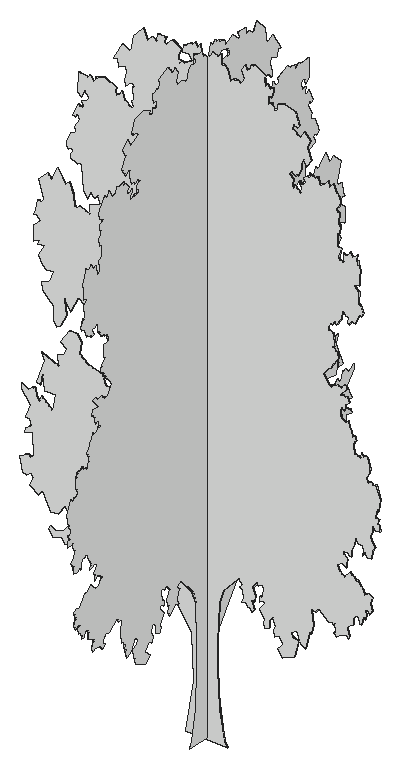
Revit family
Parameters (values of type "Salix Alba - 8.2 Meters")
  Height = 8200.00 mm
  built-in parameter 1005192 = "ACCURENDER\\Trees and Shrubs\\Deciduous\\Willow, Weeping"
  built-in parameter 1005194 = (empty or 0)
  Type Comments = "Weeping Willow"
  Assembly Code = ""
Types (6, lengths in mm): name | Height | built-in parameter 1005192 | Type Comments
  Quercus Velutina - 8.2 Meters | 8200.00 | "ACCURENDER\\Trees and Shrubs\\Deciduous\\Oak, Black" | "Black Oak"
  Acer Rubrum - 9 Meters | 9000.00 | "ACCURENDER\\Trees and Shrubs\\Deciduous\\Maple, Bigleaf" | "Red Maple"
  Cornus Florida - 4.5 Meters | 4500.00 | "ACCURENDER\\Trees and Shrubs\\Deciduous\\Dogwood, Eastern Flowering, white" | "American Dogwood"
  Populus Nigra Italica - 9.8 Meters | 9800.00 | "ACCURENDER\\Trees and Shrubs\\Deciduous\\Poplar, Lombardy" | "Lombardy Poplar"
  Salix Alba - 8.2 Meters | 8200.00 | "ACCURENDER\\Trees and Shrubs\\Deciduous\\Willow, Weeping" | "Weeping Willow"
  Betula Pendula - 5.8 Meters | 5800.00 | "ACCURENDER\\Trees and Shrubs\\Deciduous\\Birch, Paper" | "European Birch"
Reference planes
  plane 1: y = 0
  plane 2: z = 0
  plane 3: x = 0
  plane 4 "dwg plan": z = 1165.947
Forms (mm)
  Extrusion 1, solid, material "Default 3"
    sketch origin (1, 8085.559, 300.451) x (0, -1, 0) y (0, 0, 1)
      loop
        line (6763.849, 7836.577) -> (6586.421, 7927.596) -> (6579.73, 7907.908) -> (6447.782, 7874.855) -> (6454.088, 7820.424) -> (6427.991, 7810.925) -> (6398.317, 7865.549) -> (6365.4, 7870.875) -> (6348.775, 7841.419) -> (6207.225, 7862.837) -> (6194.691, 7595.434) -> (6253.589, 7546.013) -> (6294.991, 7634.497) -> (6354.031, 7584.391) -> (6333.907, 7515.443) -> (6248.129, 7491.735) -> (6270.881, 7432.17) -> (6227.877, 7398.08) -> (6204.876, 7437.918) -> (6121.77, 7265.893) -> (6157.904, 7245.705) -> (6181.245, 7299.791) -> (6213.829, 7230.228) -> (6150.598, 7107.424) -> (6163.544, 7062.798) -> (6153.482, 7028.324) -> (6084.175, 7004.424) -> (6027.481, 6871.661) -> (6023.905, 6817.344) -> (6050.08, 6782.447) -> (6093.059, 6811.596) -> (6119.233, 6776.699) -> (6092.649, 6732.534) -> (6092.393, 6683.121) -> (6194.309, 6642.398) -> (6224.06, 6661.818) -> (6250.311, 6641.745) -> (6278.243, 6310.328) -> (6337.103, 6225.634) -> (6383.71, 6318.981) -> (6436.238, 6274.905) -> (6482.537, 6317.829) -> (6528.092, 6208.581) -> (6363.073, 6151.206) -> (6363.073, 6042.611) -> (6221.088, 6088.621) -> (6191.26, 6054.377) -> (6141.949, 6063.072) -> (6132.784, 6213.192) -> (6064.348, 6357.299) -> (6017.972, 6308.423) -> (5968.866, 6368.296) -> (5887.048, 6473.025) -> (5810.384, 6300.961) -> (5741.538, 6358.73) -> (5609.077, 6234.126) -> (5683.64, 6000.999) -> (5666.887, 5946.836) -> (5597.708, 5947.643) -> (5573.829, 5812.216) -> (5540.682, 5750.642) -> (5586.827, 5755.045) -> (5635.907, 5690.231) -> (5539.887, 5597.46) -> (5532.223, 5390) -> (5628.012, 5438.299) -> (5604.619, 5374.33) -> (5703.472, 5378.119) -> (5617.156, 5228.615) -> (5679.08, 5121.437) -> (5734.826, 5071.371) -> (5833.704, 5080.1) -> (5773.665, 4937.493) -> (5664.699, 4889.347) -> (5674.044, 4785.464) -> (5755.977, 4702.971) -> (5836.353, 4637.791) -> (5830.4, 4442.665) -> (5874.5, 4366.281) -> (5940.564, 4404.423) -> (6027.086, 4571.325) -> (6000.225, 4791.542) -> (6090.086, 4649.657) -> (6199.923, 4865.808) -> (6286.926, 4807.964) -> (6381.029, 4848.87) -> (6391.906, 4722.731) -> (6554.118, 4874.03) -> (6684.657, 4635.308) -> (6616.61, 4517.446) -> (6656.587, 4304.545) -> (6657.491, 4161.226) -> (6929.676, 4237.118) -> (6957.3, 3846.405) -> (6861.46, 3788.223) -> (6745.039, 3890.885) -> (6703.541, 3829.598) -> (6598.279, 3860.476) -> (6554.371, 3969.705) -> (6332.394, 4046.419) -> (6214.263, 4136.747) -> (6244.705, 4289.583) -> (6189.19, 4384.122) -> (6077.186, 4385.428) -> (5941.123, 4194.291) -> (6033.08, 4138.86) -> (5978.225, 4043.138) -> (5890.736, 4007.096) -> (5906.515, 3873.487) -> (5663.228, 3970.217) -> (5695.581, 3856.181) -> (5580.939, 3541.203) -> (5641.157, 3525.725) -> (5671.574, 3673.62) -> (5706.709, 3460.719) -> (5861.589, 3468.796) -> (5820.854, 3237.013) -> (5656.86, 3377.292) -> (5630.147, 3308.421) -> (5585.944, 3360.824) -> (5568.3, 3452.45) -> (5522.206, 3457.93) -> (5465.858, 3391.875) -> (5360.737, 3449.93) -> (5360.737, 3375.848) -> (5497.865, 3211.131) -> (5414.51, 3019.379) -> (5483.715, 3023.513) -> (5509.582, 2929.32) -> (5417.036, 2871.1) -> (5407.431, 2816.629) -> (5519.038, 2840.352) -> (5537.257, 2548.49) -> (5497.573, 2519.303) -> (5471.321, 2550.588) -> (5334.303, 2471.48) -> (5381.019, 2278.521) -> (5436.944, 2263.044) -> (5500.966, 2316.765) -> (5535.72, 2252.008) -> (5474.418, 2145.829) -> (5617.154, 2063.421) -> (5666.849, 2126.937) -> (5745.168, 1982.716) -> (5787.532, 1893.272) -> (5906.253, 1916.595) -> (5995.825, 2036.621) -> (6153.575, 1904.253) -> (6043.919, 1781.564) -> (5976.016, 1710.703) -> (5857.218, 1672.555) -> (5783.316, 1715.421) -> (5759.974, 1661.335) -> (5825.526, 1583.214) -> (5954.052, 1629.994) -> (5999.014, 1552.118) -> (6108.676, 1563.376) -> (6216.9, 1468.222) -> (6286.221, 1468.222) -> (6255.027, 1514.723) -> (6326.429, 1625.078) -> (6572.985, 1523.368) -> (6497.14, 1509.428) -> (6499.359, 1301.853) -> (6589.95, 1301.853) -> (6693.565, 1269.937) -> (6713.766, 1353.71) -> (6885.271, 1391.242) -> (6886.04, 1539.483) -> (7038.485, 1512.603) -> (7016.861, 1355.116) -> (7210.965, 1303.435) -> (7244.42, 1401.878) -> (7412.387, 1392.506) -> (7396.403, 1486.584) -> (7249.723, 1661.39) -> (7372.26, 1595.582) -> (7479.668, 1661.041) -> (7561.281, 1492.657) -> (7871.698, 1023.936) -> (7898.118, 400.979) -> (7775.887, -299.31) -> (8395.23, -301.593) -> (8353.501, -229.316) -> (8282.391, 174.122) -> (8255.468, 700.077) -> (8258.359, 1031.343) -> (8289.641, 1572.526) -> (8346.54, 1744.82) -> (8558.652, 1989.429) -> (8624.255, 1934.305) -> (8581.199, 1890.333) -> (8620.576, 1860.223) -> (8633.19, 1751.36) -> (8603.26, 1697.351) -> (8665.953, 1716.386) -> (8701.907, 1661.608) -> (8728.261, 1661.301) -> (8756.901, 1611.695) -> (8794.146, 1660.532) -> (8755.179, 1769.703) -> (8804.567, 1764.186) -> (8811.565, 1843.17) -> (8769.304, 1952.38) -> (8829.01, 2030.75) -> (8855.21, 2000.794) -> (8904.777, 2029.866) -> (8937.592, 2004.775) -> (8910.597, 1881.548) -> (8868.669, 1857.341) -> (8870.605, 1793.065) -> (8930.081, 1826.963) -> (8949.641, 1787.201) -> (8866.799, 1694.276) -> (8951.86, 1579.626) -> (8937.555, 1540.326) -> (8954.616, 1475.819) -> (9027.243, 1504.622) -> (9021.115, 1593.643) -> (9067.516, 1647.46) -> (9109.829, 1548.133) -> (9079.874, 1489.183) -> (9099.204, 1404.949) -> (9155.359, 1433.944) -> (9191.34, 1384.108) -> (9217.215, 1339.29) -> (9137.966, 1256.247) -> (9209.978, 1166.458) -> (9384.982, 1243.483) -> (9425.051, 1353.571) -> (9443.875, 1460.326) -> (9396.172, 1495.377) -> (9363.255, 1500.702) -> (9343.746, 1550.346) -> (9416.501, 1603.856) -> (9474.977, 1445.041) -> (9550.54, 1401.415) -> (9600.799, 1567.114) -> (9607.771, 1641.158) -> (9640.714, 1640.774) -> (9667.708, 1764) -> (9645.673, 1961.923) -> (9706.733, 1951.157) -> (9741.411, 2000.34) -> (9884.851, 1879.979) -> (9938.579, 1904.148) -> (9964.728, 1864.31) -> (9984.595, 1883.845) -> (10000.605, 1794.708) -> (9960.921, 1765.521) -> (10006.81, 1720.511) -> (10069.656, 1773.246) -> (10154.635, 1788.23) -> (10179.932, 1758.082) -> (10201.554, 1792.364) -> (10172.495, 1906.361) -> (10195.708, 1935.74) -> (10265.067, 1969.523) -> (10265.067, 2048.546) -> (10298.701, 2102.555) -> (10338.206, 2097.153) -> (10344.359, 2013.073) -> (10383.89, 2012.612) -> (10410.782, 2116.073) -> (10440.379, 2105.844) -> (10453.914, 2174.869) -> (10431.111, 2224.552) -> (10460.836, 2239.03) -> (10496.791, 2184.252) -> (10533.679, 2248.144) -> (10504.199, 2342.299) -> (10534.634, 2425.918) -> (10481.884, 2456.373) -> (10418.984, 2427.301) -> (10406.14, 2491.693) -> (10360.175, 2521.879) -> (10333.509, 2586.998) -> (10284.689, 2577.117) -> (10280.604, 2611.258) -> (10232.212, 2622.204) -> (10212.651, 2661.966) -> (10133.103, 2569.002) -> (10096.892, 2574.366) -> (10054.272, 2614.397) -> (10024.982, 2683.922) -> (10081.241, 2732.682) -> (10153.483, 2687.364) -> (10153.483, 2746.661) -> (10167.224, 2795.921) -> (10150.881, 2820.819) -> (10121.284, 2831.592) -> (10114.951, 2880.538) -> (10154.61, 2904.784) -> (10197.256, 2869.695) -> (10233.467, 2864.331) -> (10227.263, 2938.528) -> (10277.215, 3041.72) -> (10290.801, 3120.628) -> (10310.439, 3097.225) -> (10339.959, 3070.638) -> (10386.027, 3060.217) -> (10405.51, 3005.632) -> (10395.243, 2931.627) -> (10428.442, 2980.656) -> (10470.324, 2930.743) -> (10527.064, 2939.972) -> (10540.779, 3043.587) -> (10580.617, 3102.422) -> (10534.589, 3157.277) -> (10515.347, 3221.784) -> (10545.406, 3304.367) -> (10535.933, 3379.676) -> (10585.09, 3329.686) -> (10651.026, 3338.8) -> (10644.822, 3412.998) -> (10615.276, 3430.056) -> (10638.669, 3497.078) -> (10585.662, 3497.696) -> (10609.687, 3625.899) -> (10632.593, 3598.6) -> (10656.498, 3758.777) -> (10591.561, 3942.376) -> (10555.145, 3908.209) -> (10522.356, 3938.242) -> (10469.623, 3933.915) -> (10450.114, 3983.559) -> (10493.272, 4047.297) -> (10503.436, 4104.943) -> (10500.501, 4170.754) -> (10467.994, 4255.142) -> (10439.786, 4265.409) -> (10411.915, 4240.971) -> (10375.909, 4285.866) -> (10362.399, 4221.782) -> (10329.534, 4236.99) -> (10276.826, 4237.605) -> (10260.944, 4351.449) -> (10274.403, 4405.65) -> (10300.859, 4425.108) -> (10271.39, 4460.043) -> (10251.625, 4460.274) -> (10235.512, 4529.645) -> (10199.506, 4574.54) -> (10186.714, 4648.814) -> (10161.171, 4604.572) -> (10087.886, 4646.883) -> (10081.503, 4689.574) -> (10061.609, 4665.098) -> (10065.288, 4739.18) -> (10081.99, 4783.46) -> (10121.341, 4748.409) -> (10144.657, 4797.554) -> (10144.862, 4837.085) -> (10207.709, 4885.768) -> (10175.125, 4955.332) -> (10063.044, 4941.814) -> (10175.714, 5068.983) -> (10129.723, 5094.227) -> (10086.667, 5050.255) -> (10017.565, 5065.886) -> (9991.058, 5036.545) -> (9941.593, 5027.239) -> (9934.902, 5007.55) -> (9911.919, 5022.643) -> (9823.564, 5137.332) -> (9889.935, 5230.449) -> (9929.594, 5254.695) -> (9956.204, 5303.801) -> (9982.686, 5328.2) -> (10002.759, 5387.266) -> (10029.087, 5377.683) -> (10039.175, 5421.433) -> (10019.717, 5480.96) -> (9947.551, 5541.102) -> (9987.21, 5565.347) -> (9971.585, 5728.604) -> (9886.153, 5742.426) -> (9899.752, 5852.983) -> (9955.641, 5832.642) -> (9982.287, 5886.612) -> (10005.167, 5851.754) -> (10031.624, 5871.212) -> (10051.62, 5915.453) -> (10088.036, 5949.62) -> (10091.842, 6057.985) -> (10111.736, 6072.885) -> (10144.396, 6018.146) -> (10193.784, 6012.628) -> (10167.046, 5938.815) -> (10199.912, 5923.607) -> (10232.792, 5962.792) -> (10292.381, 5967.003) -> (10345.78, 6099.805) -> (10378.672, 6089.538) -> (10405.23, 6128.761) -> (10356.38, 6238.047) -> (10333.321, 6238.316) -> (10340.78, 6406.246) -> (10271.883, 6464.057) -> (10304.928, 6480.789) -> (10344.459, 6480.789) -> (10354.675, 6544.45) -> (10343.377, 6608.524) -> (10365.223, 6672.81) -> (10349.136, 6747.122) -> (10326.128, 6757.274) -> (10326.384, 6806.688) -> (10309.913, 6806.88) -> (10313.592, 6880.962) -> (10273.856, 6841.892) -> (10244.182, 6837.296) -> (10215.409, 6887.133) -> (10168.312, 6818.415) -> (10118.975, 6833.815) -> (10111.823, 6725.182) -> (10059.115, 6725.797) -> (10046.143, 6765.482) -> (10076.381, 6878.787) -> (10023.801, 6904.109) -> (10018.032, 7062.309) -> (10051.026, 7071.807) -> (10069.772, 7167.402) -> (10035.17, 7190.592) -> (10055.729, 7343.544) -> (10019.544, 7353.849) -> (10003.252, 7382.067) -> (10046.257, 7422.721) -> (10072.944, 7486.651) -> (10049.479, 7551.119) -> (10015.986, 7591.034) -> (9968.604, 7695.417) -> (9905.706, 7636.851) -> (9886.35, 7716.144) -> (9833.233, 7637.697) -> (9760.683, 7623.718) -> (9741.378, 7712.893) -> (9698.425, 7688.686) -> (9655.626, 7694.127) -> (9616.197, 7714.353) -> (9622.555, 7669.804) -> (9583.05, 7675.207) -> (9523.446, 7616.602) -> (9552.838, 7566.843) -> (9529.574, 7526.547) -> (9496.631, 7527.965) -> (9470.431, 7557.921) -> (9463.689, 7528.35) -> (9493.055, 7473.649) -> (9479.571, 7414.506) -> (9397.497, 7469.822) -> (9377.603, 7445.346) -> (9361.209, 7460.362) -> (9374.898, 7559.035) -> (9322.447, 7609.064) -> (9345.686, 7643.384) -> (9411.365, 7603.085) -> (9428.042, 7642.423) -> (9454.344, 7627.238) -> (9491.093, 7730.638) -> (9494.72, 7794.837) -> (9524.702, 7858.729) -> (9570.437, 7784.07) -> (9646.742, 7886.955) -> (9578.357, 8040.944) -> (9621.72, 8144.213) -> (9539.851, 8239.059) -> (9473.403, 8131.118) -> (9355.246, 8216.505) -> (9376.716, 8275.493) -> (9427.924, 8255.19) -> (9461.02, 8284.454) -> (9402.569, 8448.21) -> (9233.147, 8494.662) -> (9139.03, 8451.285) -> (9142.017, 8391.95) -> (9072.813, 8379.747) -> (9069.877, 8457.033) -> (9010.427, 8422.709) -> (9004.325, 8522.039) -> (9050.419, 8516.56) -> (9083.797, 8600.179) -> (9074.17, 8649.707) -> (9037.806, 8625.423) -> (8995.262, 8680.278) -> (8965.435, 8646.034) -> (8949.425, 8735.171) -> (8956.361, 8774.509) -> (8796.896, 8862.962) -> (8739.029, 8821.633) -> (8739.029, 8777.238) -> (8682.72, 8762.99) -> (8673.119, 8817.46) -> (8610.093, 8734.188) -> (8655.623, 8619.998) -> (8605.876, 8556.337) -> (8536.8, 8576.91) -> (8493.923, 8567.526) -> (8450.868, 8523.554) -> (8403.831, 8664.94) -> (8359.603, 8712.401) -> (8310.163, 8708.036) -> (8314.124, 8836.473) -> (8248.008, 8792.77) -> (8175.612, 8808.439) -> (8152.245, 8749.412) -> (8161.948, 8714.707) -> (8119.251, 8739.913) -> (8059.596, 8671.426) -> (8020.552, 8765.773) -> (8007.837, 8854.871) -> (7961.435, 8801.054) -> (7922.186, 8855.87) -> (7905.536, 8821.473) -> (7862.736, 8826.914) -> (7753.694, 8763.944) -> (7736.684, 8660.368) -> (7819.04, 8660.368) -> (7877.952, 8584.595) -> (7765.666, 8531.547) -> (7713.035, 8546.986) -> (7686.4, 8492.938) -> (7683.618, 8591.804) -> (7721.191, 8695.034) -> (7597.268, 8775.652) -> (7479.811, 8678.189) -> (7473.35, 8702.973) -> (7506.703, 8781.65) -> (7361.679, 8768.517) -> (7361.193, 8674.632) -> (7295.513, 8698.537) -> (7222.63, 8636.715) -> (7157.462, 8775.841) -> (7014.965, 8614.429) -> (6967.667, 8387.664) -> (6855.868, 8452.212) -> (6716.408, 8217.638) -> (6779.127, 8241.614) -> (6797.492, 8137.461) -> (6895.739, 8176.012) -> (6916.716, 8091.76) -> (6878.294, 7988.433) -> (6889.414, 7909.237) -> (6975.449, 7982.358) -> (7018.223, 7971.976) -> (7024.632, 7937.309) -> (6998.252, 7932.675) -> (7010.507, 7754.633) -> (6990.716, 7749.922) -> (7016.711, 7680.436) -> (6986.909, 7651.133) -> (6881.852, 7721.542) -> (6856.036, 7825.618) -> (6836.271, 7825.849) -> (6819.569, 7781.569) -> (6769.976, 7747.555) -> (6743.879, 7797.276) -> (6763.849, 7836.577)
    from 0 to 1
  Extrusion 2, solid, material "Default 3"
    sketch origin (-8085.559, -1, 285.158) x (1, 0, 0) y (0, 0, -1)
      loop
        line (6763.849, -7836.577) -> (6743.879, -7797.276) -> (6769.976, -7747.555) -> (6819.569, -7781.569) -> (6836.271, -7825.849) -> (6856.036, -7825.618) -> (6881.852, -7721.542) -> (6986.909, -7651.133) -> (7016.711, -7680.436) -> (6990.716, -7749.922) -> (7010.507, -7754.633) -> (6998.252, -7932.675) -> (7024.632, -7937.309) -> (7018.223, -7971.976) -> (6975.449, -7982.358) -> (6889.414, -7909.237) -> (6878.294, -7988.433) -> (6916.716, -8091.76) -> (6895.739, -8176.012) -> (6797.492, -8137.461) -> (6779.127, -8241.614) -> (6716.408, -8217.638) -> (6855.868, -8452.212) -> (6967.667, -8387.664) -> (7014.965, -8614.429) -> (7157.462, -8775.841) -> (7222.63, -8636.715) -> (7295.513, -8698.537) -> (7361.193, -8674.632) -> (7361.679, -8768.517) -> (7506.703, -8781.65) -> (7473.35, -8702.973) -> (7479.811, -8678.189) -> (7597.268, -8775.652) -> (7721.191, -8695.034) -> (7683.618, -8591.804) -> (7686.4, -8492.938) -> (7713.035, -8546.986) -> (7765.666, -8531.547) -> (7877.952, -8584.595) -> (7819.04, -8660.368) -> (7736.684, -8660.368) -> (7753.694, -8763.944) -> (7862.736, -8826.914) -> (7905.536, -8821.473) -> (7922.186, -8855.87) -> (7961.435, -8801.054) -> (8007.837, -8854.871) -> (8020.552, -8765.773) -> (8059.596, -8671.426) -> (8119.251, -8739.913) -> (8161.948, -8714.707) -> (8152.245, -8749.412) -> (8175.612, -8808.439) -> (8248.008, -8792.77) -> (8314.124, -8836.473) -> (8310.163, -8708.036) -> (8359.603, -8712.401) -> (8403.831, -8664.94) -> (8450.868, -8523.554) -> (8493.923, -8567.526) -> (8536.8, -8576.91) -> (8605.876, -8556.337) -> (8655.623, -8619.998) -> (8610.093, -8734.188) -> (8673.119, -8817.46) -> (8682.72, -8762.99) -> (8739.029, -8777.238) -> (8739.029, -8821.633) -> (8796.896, -8862.962) -> (8956.361, -8774.509) -> (8949.425, -8735.171) -> (8965.435, -8646.034) -> (8995.262, -8680.278) -> (9037.806, -8625.423) -> (9074.17, -8649.707) -> (9083.797, -8600.179) -> (9050.419, -8516.56) -> (9004.325, -8522.039) -> (9010.427, -8422.709) -> (9069.877, -8457.033) -> (9072.813, -8379.747) -> (9142.017, -8391.95) -> (9139.03, -8451.285) -> (9233.147, -8494.662) -> (9402.569, -8448.21) -> (9461.02, -8284.454) -> (9427.924, -8255.19) -> (9376.716, -8275.493) -> (9355.246, -8216.505) -> (9473.403, -8131.118) -> (9539.851, -8239.059) -> (9621.72, -8144.213) -> (9578.357, -8040.944) -> (9646.742, -7886.955) -> (9570.437, -7784.07) -> (9524.702, -7858.729) -> (9494.72, -7794.837) -> (9491.093, -7730.638) -> (9454.344, -7627.238) -> (9428.042, -7642.423) -> (9411.365, -7603.085) -> (9345.686, -7643.384) -> (9322.447, -7609.064) -> (9374.898, -7559.035) -> (9361.209, -7460.362) -> (9377.603, -7445.346) -> (9397.497, -7469.822) -> (9479.571, -7414.506) -> (9493.055, -7473.649) -> (9463.689, -7528.35) -> (9470.431, -7557.921) -> (9496.631, -7527.965) -> (9529.574, -7526.547) -> (9552.838, -7566.843) -> (9523.446, -7616.602) -> (9583.05, -7675.207) -> (9622.555, -7669.804) -> (9616.197, -7714.353) -> (9655.626, -7694.127) -> (9698.425, -7688.686) -> (9741.378, -7712.893) -> (9760.683, -7623.718) -> (9833.233, -7637.697) -> (9886.35, -7716.144) -> (9905.706, -7636.851) -> (9968.604, -7695.417) -> (10015.986, -7591.034) -> (10049.479, -7551.119) -> (10072.944, -7486.651) -> (10046.257, -7422.721) -> (10003.252, -7382.067) -> (10019.544, -7353.849) -> (10055.729, -7343.544) -> (10035.17, -7190.592) -> (10069.772, -7167.402) -> (10051.026, -7071.807) -> (10018.032, -7062.309) -> (10023.801, -6904.109) -> (10076.381, -6878.787) -> (10046.143, -6765.482) -> (10059.115, -6725.797) -> (10111.823, -6725.182) -> (10118.975, -6833.815) -> (10168.312, -6818.415) -> (10215.409, -6887.133) -> (10244.182, -6837.296) -> (10273.856, -6841.892) -> (10313.592, -6880.962) -> (10309.913, -6806.88) -> (10326.384, -6806.688) -> (10326.128, -6757.274) -> (10349.136, -6747.122) -> (10365.223, -6672.81) -> (10343.377, -6608.524) -> (10354.675, -6544.45) -> (10344.459, -6480.789) -> (10304.928, -6480.789) -> (10271.883, -6464.057) -> (10340.78, -6406.246) -> (10333.321, -6238.316) -> (10356.38, -6238.047) -> (10405.23, -6128.761) -> (10378.672, -6089.538) -> (10345.78, -6099.805) -> (10292.381, -5967.003) -> (10232.792, -5962.792) -> (10199.912, -5923.607) -> (10167.046, -5938.815) -> (10193.784, -6012.628) -> (10144.396, -6018.146) -> (10111.736, -6072.885) -> (10091.842, -6057.985) -> (10088.036, -5949.62) -> (10051.62, -5915.453) -> (10031.624, -5871.212) -> (10005.167, -5851.754) -> (9982.287, -5886.612) -> (9955.641, -5832.642) -> (9899.752, -5852.983) -> (9886.153, -5742.426) -> (9971.585, -5728.604) -> (9987.21, -5565.347) -> (9947.551, -5541.102) -> (10019.717, -5480.96) -> (10039.175, -5421.433) -> (10029.087, -5377.683) -> (10002.759, -5387.266) -> (9982.686, -5328.2) -> (9956.204, -5303.801) -> (9929.594, -5254.695) -> (9889.935, -5230.449) -> (9823.564, -5137.332) -> (9911.919, -5022.643) -> (9934.902, -5007.55) -> (9941.593, -5027.239) -> (9991.058, -5036.545) -> (10017.565, -5065.886) -> (10086.667, -5050.255) -> (10129.723, -5094.227) -> (10175.714, -5068.983) -> (10063.044, -4941.814) -> (10175.125, -4955.332) -> (10207.709, -4885.768) -> (10144.862, -4837.085) -> (10144.657, -4797.554) -> (10121.341, -4748.409) -> (10081.99, -4783.46) -> (10065.288, -4739.18) -> (10061.609, -4665.098) -> (10081.503, -4689.574) -> (10087.886, -4646.883) -> (10161.171, -4604.572) -> (10186.714, -4648.814) -> (10199.506, -4574.54) -> (10235.512, -4529.645) -> (10251.625, -4460.274) -> (10271.39, -4460.043) -> (10300.859, -4425.108) -> (10274.403, -4405.65) -> (10260.944, -4351.449) -> (10276.826, -4237.605) -> (10329.534, -4236.99) -> (10362.399, -4221.782) -> (10375.909, -4285.866) -> (10411.915, -4240.971) -> (10439.786, -4265.409) -> (10467.994, -4255.142) -> (10500.501, -4170.754) -> (10503.436, -4104.943) -> (10493.272, -4047.297) -> (10450.114, -3983.559) -> (10469.623, -3933.915) -> (10522.356, -3938.242) -> (10555.145, -3908.209) -> (10591.561, -3942.376) -> (10656.498, -3758.777) -> (10632.593, -3598.6) -> (10609.687, -3625.899) -> (10585.662, -3497.696) -> (10638.669, -3497.078) -> (10615.276, -3430.056) -> (10644.822, -3412.998) -> (10651.026, -3338.8) -> (10585.09, -3329.686) -> (10535.933, -3379.676) -> (10545.406, -3304.367) -> (10515.347, -3221.784) -> (10534.589, -3157.277) -> (10580.617, -3102.422) -> (10540.779, -3043.587) -> (10527.064, -2939.972) -> (10470.324, -2930.743) -> (10428.442, -2980.656) -> (10395.243, -2931.627) -> (10405.51, -3005.632) -> (10386.027, -3060.217) -> (10339.959, -3070.638) -> (10310.439, -3097.225) -> (10290.801, -3120.628) -> (10277.215, -3041.72) -> (10227.263, -2938.528) -> (10233.467, -2864.331) -> (10197.256, -2869.695) -> (10154.61, -2904.784) -> (10114.951, -2880.538) -> (10121.284, -2831.592) -> (10150.881, -2820.819) -> (10167.224, -2795.921) -> (10153.483, -2746.661) -> (10153.483, -2687.364) -> (10081.241, -2732.682) -> (10024.982, -2683.922) -> (10054.272, -2614.397) -> (10096.892, -2574.366) -> (10133.103, -2569.002) -> (10212.651, -2661.966) -> (10232.212, -2622.204) -> (10280.604, -2611.258) -> (10284.689, -2577.117) -> (10333.509, -2586.998) -> (10360.175, -2521.879) -> (10406.14, -2491.693) -> (10418.984, -2427.301) -> (10481.884, -2456.373) -> (10534.634, -2425.918) -> (10504.199, -2342.299) -> (10533.679, -2248.144) -> (10496.791, -2184.252) -> (10460.836, -2239.03) -> (10431.111, -2224.552) -> (10453.914, -2174.869) -> (10440.379, -2105.844) -> (10410.782, -2116.073) -> (10383.89, -2012.612) -> (10344.359, -2013.073) -> (10338.206, -2097.153) -> (10298.701, -2102.555) -> (10265.067, -2048.546) -> (10265.067, -1969.523) -> (10195.708, -1935.74) -> (10172.495, -1906.361) -> (10201.554, -1792.364) -> (10179.932, -1758.082) -> (10154.635, -1788.23) -> (10069.656, -1773.246) -> (10006.81, -1720.511) -> (9960.921, -1765.521) -> (10000.605, -1794.708) -> (9984.595, -1883.845) -> (9964.728, -1864.31) -> (9938.579, -1904.148) -> (9884.851, -1879.979) -> (9741.411, -2000.34) -> (9706.733, -1951.157) -> (9645.673, -1961.923) -> (9667.708, -1764) -> (9640.714, -1640.774) -> (9607.771, -1641.158) -> (9600.799, -1567.114) -> (9550.54, -1401.415) -> (9474.977, -1445.041) -> (9416.501, -1603.856) -> (9343.746, -1550.346) -> (9363.255, -1500.702) -> (9396.172, -1495.377) -> (9443.875, -1460.326) -> (9425.051, -1353.571) -> (9384.982, -1243.483) -> (9209.978, -1166.458) -> (9137.966, -1256.247) -> (9217.215, -1339.29) -> (9191.34, -1384.108) -> (9155.359, -1433.944) -> (9099.204, -1404.949) -> (9079.874, -1489.183) -> (9109.829, -1548.133) -> (9067.516, -1647.46) -> (9021.115, -1593.643) -> (9027.243, -1504.622) -> (8954.616, -1475.819) -> (8937.555, -1540.326) -> (8951.86, -1579.626) -> (8866.799, -1694.276) -> (8949.641, -1787.201) -> (8930.081, -1826.963) -> (8870.605, -1793.065) -> (8868.669, -1857.341) -> (8910.597, -1881.548) -> (8937.592, -2004.775) -> (8904.777, -2029.866) -> (8855.21, -2000.794) -> (8829.01, -2030.75) -> (8769.304, -1952.38) -> (8811.565, -1843.17) -> (8804.567, -1764.186) -> (8755.179, -1769.703) -> (8794.146, -1660.532) -> (8756.901, -1611.695) -> (8728.261, -1661.301) -> (8701.907, -1661.608) -> (8665.953, -1716.386) -> (8603.26, -1697.351) -> (8633.19, -1751.36) -> (8620.576, -1860.223) -> (8581.199, -1890.333) -> (8624.255, -1934.305) -> (8558.652, -1989.429) -> (8346.54, -1744.82) -> (8289.641, -1572.526) -> (8258.359, -1031.343) -> (8255.468, -700.077) -> (8282.391, -174.122) -> (8353.501, 229.316) -> (8395.23, 301.593) -> (7775.887, 299.31) -> (7898.118, -400.979) -> (7871.698, -1023.936) -> (7561.281, -1492.657) -> (7479.668, -1661.041) -> (7372.26, -1595.582) -> (7249.723, -1661.39) -> (7396.403, -1486.584) -> (7412.387, -1392.506) -> (7244.42, -1401.878) -> (7210.965, -1303.435) -> (7016.861, -1355.116) -> (7038.485, -1512.603) -> (6886.04, -1539.483) -> (6885.271, -1391.242) -> (6713.766, -1353.71) -> (6693.565, -1269.937) -> (6589.95, -1301.853) -> (6499.359, -1301.853) -> (6497.14, -1509.428) -> (6572.985, -1523.368) -> (6326.429, -1625.078) -> (6255.027, -1514.723) -> (6286.221, -1468.222) -> (6216.9, -1468.222) -> (6108.676, -1563.376) -> (5999.014, -1552.118) -> (5954.052, -1629.994) -> (5825.526, -1583.214) -> (5759.974, -1661.335) -> (5783.316, -1715.421) -> (5857.218, -1672.555) -> (5976.016, -1710.703) -> (6043.919, -1781.564) -> (6153.575, -1904.253) -> (5995.825, -2036.621) -> (5906.253, -1916.595) -> (5787.532, -1893.272) -> (5745.168, -1982.716) -> (5666.849, -2126.937) -> (5617.154, -2063.421) -> (5474.418, -2145.829) -> (5535.72, -2252.008) -> (5500.966, -2316.765) -> (5436.944, -2263.044) -> (5381.019, -2278.521) -> (5334.303, -2471.48) -> (5471.321, -2550.588) -> (5497.573, -2519.303) -> (5537.257, -2548.49) -> (5519.038, -2840.352) -> (5407.431, -2816.629) -> (5417.036, -2871.1) -> (5509.582, -2929.32) -> (5483.715, -3023.513) -> (5414.51, -3019.379) -> (5497.865, -3211.131) -> (5360.737, -3375.848) -> (5360.737, -3449.93) -> (5465.858, -3391.875) -> (5522.206, -3457.93) -> (5568.3, -3452.45) -> (5585.944, -3360.824) -> (5630.147, -3308.421) -> (5656.86, -3377.292) -> (5820.854, -3237.013) -> (5861.589, -3468.796) -> (5706.709, -3460.719) -> (5671.574, -3673.62) -> (5641.157, -3525.725) -> (5580.939, -3541.203) -> (5695.581, -3856.181) -> (5663.228, -3970.217) -> (5906.515, -3873.487) -> (5890.736, -4007.096) -> (5978.225, -4043.138) -> (6033.08, -4138.86) -> (5941.123, -4194.291) -> (6077.186, -4385.428) -> (6189.19, -4384.122) -> (6244.705, -4289.583) -> (6214.263, -4136.747) -> (6332.394, -4046.419) -> (6554.371, -3969.705) -> (6598.279, -3860.476) -> (6703.541, -3829.598) -> (6745.039, -3890.885) -> (6861.46, -3788.223) -> (6957.3, -3846.405) -> (6929.676, -4237.118) -> (6657.491, -4161.226) -> (6656.587, -4304.545) -> (6616.61, -4517.446) -> (6684.657, -4635.308) -> (6554.118, -4874.03) -> (6391.906, -4722.731) -> (6381.029, -4848.87) -> (6286.926, -4807.964) -> (6199.923, -4865.808) -> (6090.086, -4649.657) -> (6000.225, -4791.542) -> (6027.086, -4571.325) -> (5940.564, -4404.423) -> (5874.5, -4366.281) -> (5830.4, -4442.665) -> (5836.353, -4637.791) -> (5755.977, -4702.971) -> (5674.044, -4785.464) -> (5664.699, -4889.347) -> (5773.665, -4937.493) -> (5833.704, -5080.1) -> (5734.826, -5071.371) -> (5679.08, -5121.437) -> (5617.156, -5228.615) -> (5703.472, -5378.119) -> (5604.619, -5374.33) -> (5628.012, -5438.299) -> (5532.223, -5390) -> (5539.887, -5597.46) -> (5635.907, -5690.231) -> (5586.827, -5755.045) -> (5540.682, -5750.642) -> (5573.829, -5812.216) -> (5597.708, -5947.643) -> (5666.887, -5946.836) -> (5683.64, -6000.999) -> (5609.077, -6234.126) -> (5741.538, -6358.73) -> (5810.384, -6300.961) -> (5887.048, -6473.025) -> (5968.866, -6368.296) -> (6017.972, -6308.423) -> (6064.348, -6357.299) -> (6132.784, -6213.192) -> (6141.949, -6063.072) -> (6191.26, -6054.377) -> (6221.088, -6088.621) -> (6363.073, -6042.611) -> (6363.073, -6151.206) -> (6528.092, -6208.581) -> (6482.537, -6317.829) -> (6436.238, -6274.905) -> (6383.71, -6318.981) -> (6337.103, -6225.634) -> (6278.243, -6310.328) -> (6250.311, -6641.745) -> (6224.06, -6661.818) -> (6194.309, -6642.398) -> (6092.393, -6683.121) -> (6092.649, -6732.534) -> (6119.233, -6776.699) -> (6093.059, -6811.596) -> (6050.08, -6782.447) -> (6023.905, -6817.344) -> (6027.481, -6871.661) -> (6084.175, -7004.424) -> (6153.482, -7028.324) -> (6163.544, -7062.798) -> (6150.598, -7107.424) -> (6213.829, -7230.228) -> (6181.245, -7299.791) -> (6157.904, -7245.705) -> (6121.77, -7265.893) -> (6204.876, -7437.918) -> (6227.877, -7398.08) -> (6270.881, -7432.17) -> (6248.129, -7491.735) -> (6333.907, -7515.443) -> (6354.031, -7584.391) -> (6294.991, -7634.497) -> (6253.589, -7546.013) -> (6194.691, -7595.434) -> (6207.225, -7862.837) -> (6348.775, -7841.419) -> (6365.4, -7870.875) -> (6398.317, -7865.549) -> (6427.991, -7810.925) -> (6454.088, -7820.424) -> (6447.782, -7874.855) -> (6579.73, -7907.908) -> (6586.421, -7927.596) -> (6763.849, -7836.577)
    from 0 to 1
Lines and regions (mm)
  model lines
    curve 1: line (0, 165.506, 0) -> (0, 250.359, 0)
    curve 2: line (0, 250.359, 0) -> (42.426, 207.932, 0)
    curve 3: line (0, 250.359, 0) -> (-42.426, 207.932, 0)
Nested families
  nested 1: "Deciduous Base" at (0, 0, 0), type "Deciduous Base", not visible, detail levels fine
Definition of nested family "Deciduous Base"
  Parameters
    Height = 5791.20 mm
    built-in parameter 1005192 = "ACCURENDER\\Trees and Shrubs\\Deciduous\\Oak, Black"
    built-in parameter 1005194 = (empty or 0)
  Reference planes
    plane 1: y = 0
    plane 2: z = 0
    plane 3: x = 0
  Lines and regions (mm)
    model lines
      curve 1: line (151.287, 0, 0.063) -> (96.6, 0, 2159.896)
      curve 2: line (96.6, 0, 2159.896) -> (421.504, 0, 3752.297)
      curve 3: line (421.504, 0, 3752.297) -> (1569.231, 0, 4816.713)
      curve 4: line (633.502, 0, 3948.907) -> (994.029, 0, 5715.902)
      curve 5: line (261.552, 0, 2968.349) -> (983.27, 0, 3637.678)
      curve 6: line (622.411, 0, 3303.013) -> (1715.571, 0, 3488.264)
      curve 7: line (96.6, 0, 2159.896) -> (19.55, 0, 4179.096)
      curve 8: line (32.81, 0, 3831.604) -> (524.088, 0, 5384.064)
      curve 9: line (398.845, 0, 4988.291) -> (30.606, 0, 7161.264)
      curve 10: line (105.316, 0, 1815.666) -> (1721.631, 0, 2721.102)
      curve 11: line (1246.264, 0, 2454.808) -> (1929.086, 0, 2580.41)
      curve 12: line (1168.991, 0, 3395.639) -> (2080.89, 0, 3991.266)
      curve 13: line (-139.075, -67.882, 0) -> (-88.133, -43.017, 1929.568)
      curve 14: line (-88.133, -43.017, 1929.568) -> (-578.776, -282.498, 3939.841)
      curve 15: line (-444.806, -217.108, 3390.936) -> (-444.806, -217.108, 4508.536)
      curve 16: line (-444.806, -217.108, 4144.049) -> (-1604.558, -783.177, 6300.381)
      curve 17: line (-220.627, -107.687, 2472.424) -> (-2090.002, -1020.12, 4488.115)
      curve 18: line (-142.297, -69.455, 2151.49) -> (-559.884, -273.277, 6008.681)
      curve 19: line (122.179, 59.635, 0.063) -> (71.829, 35.059, 2462.415)
      curve 20: line (88.535, 43.213, 1645.406) -> (900.244, 439.405, 2992.84)
      curve 21: line (620.065, 302.651, 2527.743) -> (1638.349, 799.671, 3205.888)
      curve 22: line (71.829, 35.059, 2462.415) -> (385.679, 188.248, 4386.144)
      curve 23: line (268.596, 131.1, 3668.489) -> (-54.041, -26.377, 5565.456)
      curve 24: line (385.679, 188.248, 4386.144) -> (2017.252, 984.611, 5970.516)
      curve 25: line (621.377, 303.291, 4615.024) -> (910.135, 444.233, 6367.435)
      curve 26: line (-74.298, -36.265, 2464.696) -> (-41.335, -20.175, 3962.65)
      curve 27: line (40.495, 94.601, 0.063) -> (-15.734, -36.756, 2425.521)
      curve 28: line (-46.094, -107.683, 0) -> (-29.782, -69.574, 2438.048)
      curve 29: line (-15.734, -36.756, 2425.521) -> (-695.518, -1624.823, 3923.778)
      curve 30: line (-302.594, -706.899, 3057.766) -> (-731.292, -1708.397, 5194.027)
      curve 31: line (40.495, 94.601, 0.063) -> (22.035, 51.477, 2539.211)
      curve 32: line (26.921, 62.892, 2538.485) -> (516.688, 1207.053, 3762.956)
      curve 33: line (377.685, 882.323, 3415.433) -> (689.078, 1609.78, 3583.394)
      curve 34: line (55.822, 130.407, 2610.74) -> (303.755, 709.613, 4901.591)
      curve 35: line (216.237, 505.158, 4092.942) -> (590.223, 1378.84, 4577.582)
      curve 36: line (403.23, 941.999, 4335.262) -> (652.016, 1523.197, 5825.188)
      curve 37: line (253.756, 592.809, 4439.613) -> (-15.734, -36.756, 6918.114)
      curve 38: line (181.466, 423.928, 5104.47) -> (622.22, 1453.59, 6658.531)
      curve 39: line (-62.195, 107.457, 0) -> (-62.195, 107.457, 2210.928)
      curve 40: line (-46.567, 80.456, 2253.785) -> (-72.435, 125.148, 2963.108)
      curve 41: line (37.748, -65.218, 2423.708) -> (205.729, -355.446, 2817.287)
      curve 42: line (205.729, -355.446, 2817.287) -> (414.147, -715.538, 5333.137)
      curve 43: line (251.288, -434.16, 3367.239) -> (901.726, -1557.945, 4891.205)
      curve 44: line (26.428, -45.66, 1815.666) -> (297.4, -513.829, 2166.813)
      curve 45: line (297.4, -513.829, 2166.813) -> (872.359, -1507.207, 2458.309)
      curve 46: line (426.039, -736.084, 2232.031) -> (628.391, -1085.694, 2817.393)
      curve 47: line (-72.435, 125.148, 2963.108) -> (-544.271, 940.357, 3979.339)
      curve 48: line (-308.353, 532.753, 3471.224) -> (-455.689, 787.311, 4627.122)
      curve 49: line (-62.195, 107.457, 2210.928) -> (-587.734, 1015.449, 2778.473)
      curve 50: line (-587.734, 1015.449, 2778.473) -> (-1094.764, 1891.463, 2897.775)
      curve 51: line (-775.138, 1339.235, 2822.569) -> (-1022.91, 1767.319, 3223.168)
      curve 52: line (-197.745, 341.651, 2357.312) -> (-489.303, 845.386, 4081.342)
      curve 53: line (-403.369, 696.916, 3573.202) -> (-1068.162, 1845.502, 4704.218)
      curve 54: line (-671.276, 1159.787, 4028.993) -> (-1055.334, 1823.339, 5289.598)
      curve 55: line (-413.328, 714.121, 2590.127) -> (-343.113, 592.809, 3075.663)
      curve 56: line (-343.524, 593.519, 3219.326) -> (-939.253, 1622.782, 3861.894)
      curve 57: line (-121.791, 210.422, 2275.287) -> (-74.184, 128.17, 4254.281)
      curve 58: line (-92.143, 159.2, 3507.703) -> (-754.412, 1303.426, 5546.942)
      curve 59: line (24.658, -42.603, 2094.154) -> (571.467, -987.345, 2941.686)
      curve 60: line (-74.184, 128.17, 4254.281) -> (893.616, -1543.932, 6046.475)
      curve 61: line (290.162, -501.323, 4928.984) -> (556.505, -961.494, 6674.291)
      curve 62: line (62.611, -108.175, 4507.6) -> (-272.175, 470.246, 7133.647)
      curve 63: line (-524.234, -1224.682, 4162.23) -> (-767.679, -1793.4, 4847.731)
      curve 64: line (481.768, 1125.474, 6163.307) -> (521.505, 1218.306, 6898.193)
      curve 65: line (559.474, 1307.007, 5270.976) -> (706.185, 1649.743, 5614.717)
      curve 66: line (45.356, 105.958, 6356.271) -> (92.693, 216.544, 7146.119)
      curve 67: line (559.281, -966.29, 5427.346) -> (872.359, -1507.207, 5638.965)
      curve 68: line (348.573, -602.242, 4541.573) -> (692.051, -1195.682, 6475.032)
      curve 69: line (-161.532, 279.084, 6265.767) -> (-488.063, 843.244, 7104.714)
      curve 70: line (423.333, -731.409, 5801.638) -> (332.148, -573.865, 6904.397)
    symbolic lines
      curve 71: arc (1981.2, 0, 0) -> (0, 1981.2, 0) -> (-1981.2, 0, 0) r 1981.2
      curve 72: arc (-1981.2, 0, 0) -> (0, -1981.2, 0) -> (1981.2, 0, 0) r 1981.2
      curve 73: line (0, 0, 0) -> (1212.495, 1566.847, 0)
      curve 74: line (0, 0, 0) -> (-1897.409, -570.081, 0)
      curve 75: line (0, 0, 0) -> (-1500.5, -1293.697, 0)
      curve 76: line (0, 0, 0) -> (1326.629, -1471.465, 0)
      curve 77: line (0, 0, 0) -> (1864.639, -669.535, 0)
      curve 78: line (0, 0, 0) -> (-633.728, 1877.11, 0)
      curve 79: line (0, 0, 0) -> (-280.885, 1961.188, 0)
      curve 80: line (0, 0, 0) -> (1862.475, 675.53, 0)
      curve 81: line (0, 0, 0) -> (-1553.773, 1229.204, 0)
      curve 82: line (0, 0, 0) -> (-996.486, 1712.357, 0)
      curve 83: line (0, 0, 0) -> (-281.45, -1961.107, 0)
      curve 84: line (0, 0, 0) -> (744.889, 1835.836, 0)
      curve 85: line (0, 0, 0) -> (1069.566, -1667.688, 0)
      curve 86: line (0, 0, 0) -> (1964.968, 253.088, 0)
      curve 87: line (0, 0, 0) -> (-1655, 1089.096, 0)
      curve 88: line (0, 0, 0) -> (-1357.372, -1443.154, 0)
